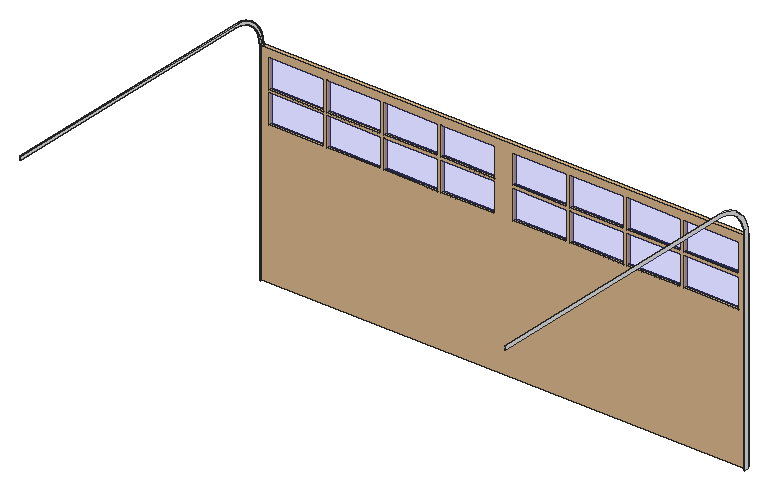
Revit family
Parameters (values of type "7Ft H x 16Ft W")
  Track Width = Width + 0' 2"  # 16' - 2"
  Track Height = Height + 1' 0"  # 8' - 0"
  Track Depth = 10' - 0"
  Track = Metal
  SmartBIM Object Version = 1  # constant formula
  SmartBIM Object Created By = "Reed Construction Data"  # constant formula
  Rough Width = 0' - 0"
  Rough Height = 0' - 0"
  Panel Thickness = 0' - 1 1/2"
  Manufacturer = ""
  Height = 7' - 0"
  Wall Closure = (empty or 0)
  Width = 16' - 0"
  Door Glass = Glass
  Door = Wood
  95 CSI = "08360"  # constant formula
  04 CSI = "08 36 13"  # constant formula
Types (3): name | Track Width | Width
  (no name) | 16' - 2" | 16' - 0"
  7Ft H x 8Ft W | 8' - 2" | 8' - 0"
  7Ft H x 16Ft W | 16' - 2" | 16' - 0"
Reference planes (in)
  plane 1 "Center (Front/Back)": y = 0
  plane 2 "Center (Left/Right)": x = 0
  plane 3 "Left": x = -96
  plane 4 "Right": x = 96
  plane 5 "Top": z = 84
  plane 6: x = -97
  plane 7: x = 97
  plane 8: y = -3.25
  plane 9: z = 29
  plane 10: z = 81
  plane 11: y = -2.5
  plane 12: y = -2.5
  plane 13 "Interior Edge": y = -3.25
  plane 14: y = -2.5
  plane 15 "Exterior Edge": y = -1.75
  plane 16: z = 3
  plane 17: z = 55
  plane 18: z = 56.5
  plane 19: y = -2.5
  plane 20: z = 53
  plane 21: z = 30
  plane 22: z = 28
  plane 23: z = 4
  plane 24: x = 3
  plane 25: x = -3
  plane 26: x = -94.5
  plane 27: x = 94.5
  plane 28: x = 71.625
  plane 29: x = 48.75
  plane 30: x = 25.875
  plane 31: z = 68.75
  plane 32: z = 68.25
  plane 33: z = 69.25
  plane 34: x = 72.125
  plane 35: x = 71.125
  plane 36: x = 49.25
  plane 37: x = 48.25
  plane 38: x = 26.375
  plane 39: x = 25.375
  plane 40: x = -94
  plane 41: x = -3.5
  plane 42: x = 3.5
  plane 43: x = -71.625
  plane 44: x = -48.75
  plane 45: x = -25.875
  plane 46: x = -72.125
  plane 47: x = -71.125
  plane 48: x = -49.25
  plane 49: x = -48.25
  plane 50: x = -26.375
  plane 51: x = -25.375
  plane 52: y = -2.5
Forms (in)
  Extrusion 1, solid, material "Wood" <- "Door"
    sketch origin (0, 0, 0) x (1, 0, 0) y (0, 0, 1)
      loop
        line (-97, 84) -> (-97, 0) -> (97, 0) -> (97, 84) -> (-97, 84)
      loop
        line (94.5, 81) -> (72.125, 81) -> (72.125, 69.25) -> (94.5, 69.25) -> (94.5, 81)
      loop
        line (94.5, 68.25) -> (72.125, 68.25) -> (72.125, 56.5) -> (94.5, 56.5) -> (94.5, 68.25)
      loop
        line (49.25, 56.5) -> (71.125, 56.5) -> (71.125, 68.25) -> (49.25, 68.25) -> (49.25, 56.5)
      loop
        line (49.25, 69.25) -> (71.125, 69.25) -> (71.125, 81) -> (49.25, 81) -> (49.25, 69.25)
      loop
        line (26.375, 69.25) -> (48.25, 69.25) -> (48.25, 81) -> (26.375, 81) -> (26.375, 69.25)
      loop
        line (3.5, 56.5) -> (25.375, 56.5) -> (25.375, 68.25) -> (3.5, 68.25) -> (3.5, 56.5)
      loop
        line (26.375, 56.5) -> (48.25, 56.5) -> (48.25, 68.25) -> (26.375, 68.25) -> (26.375, 56.5)
      loop
        line (3.5, 81) -> (3.5, 69.25) -> (25.375, 69.25) -> (25.375, 81) -> (3.5, 81)
      loop
        line (-3.5, 81) -> (-25.375, 81) -> (-25.375, 69.25) -> (-3.5, 69.25) -> (-3.5, 81)
      loop
        line (-3.5, 68.25) -> (-25.375, 68.25) -> (-25.375, 56.5) -> (-3.5, 56.5) -> (-3.5, 68.25)
      loop
        line (-26.375, 68.25) -> (-48.25, 68.25) -> (-48.25, 56.5) -> (-26.375, 56.5) -> (-26.375, 68.25)
      loop
        line (-48.25, 69.25) -> (-26.375, 69.25) -> (-26.375, 81) -> (-48.25, 81) -> (-48.25, 69.25)
      loop
        line (-71.125, 56.5) -> (-49.25, 56.5) -> (-49.25, 68.25) -> (-71.125, 68.25) -> (-71.125, 56.5)
      loop
        line (-71.125, 69.25) -> (-49.25, 69.25) -> (-49.25, 81) -> (-71.125, 81) -> (-71.125, 69.25)
      loop
        line (-94.5, 81) -> (-94.5, 69.25) -> (-72.125, 69.25) -> (-72.125, 81) -> (-94.5, 81)
      loop
        line (-94.5, 68.25) -> (-94.5, 56.5) -> (-72.125, 56.5) -> (-72.125, 68.25) -> (-94.5, 68.25)
    from 1.75 to 3.25
  Extrusion 2, solid, material "Glass" <- "Door Glass"
    sketch origin (0, -1.75, 0) x (1, 0, 0) y (0, 0, 1)
      loop
        line (94.5, 81) -> (72.125, 81) -> (72.125, 69.25) -> (94.5, 69.25) -> (94.5, 81)
      loop
        line (94.5, 68.25) -> (72.125, 68.25) -> (72.125, 56.5) -> (94.5, 56.5) -> (94.5, 68.25)
      loop
        line (71.125, 81) -> (49.25, 81) -> (49.25, 69.25) -> (71.125, 69.25) -> (71.125, 81)
      loop
        line (71.125, 68.25) -> (49.25, 68.25) -> (49.25, 56.5) -> (71.125, 56.5) -> (71.125, 68.25)
      loop
        line (48.25, 81) -> (26.375, 81) -> (26.375, 69.25) -> (48.25, 69.25) -> (48.25, 81)
      loop
        line (48.25, 68.25) -> (26.375, 68.25) -> (26.375, 56.5) -> (48.25, 56.5) -> (48.25, 68.25)
      loop
        line (25.375, 68.25) -> (3.5, 68.25) -> (3.5, 56.5) -> (25.375, 56.5) -> (25.375, 68.25)
      loop
        line (25.375, 81) -> (3.5, 81) -> (3.5, 69.25) -> (25.375, 69.25) -> (25.375, 81)
      loop
        line (-3.5, 81) -> (-25.375, 81) -> (-25.375, 69.25) -> (-3.5, 69.25) -> (-3.5, 81)
      loop
        line (-3.5, 68.25) -> (-25.375, 68.25) -> (-25.375, 56.5) -> (-3.5, 56.5) -> (-3.5, 68.25)
      loop
        line (-26.375, 68.25) -> (-48.25, 68.25) -> (-48.25, 56.5) -> (-26.375, 56.5) -> (-26.375, 68.25)
      loop
        line (-26.375, 81) -> (-48.25, 81) -> (-48.25, 69.25) -> (-26.375, 69.25) -> (-26.375, 81)
      loop
        line (-49.25, 81) -> (-71.125, 81) -> (-71.125, 69.25) -> (-49.25, 69.25) -> (-49.25, 81)
      loop
        line (-72.125, 81) -> (-94.5, 81) -> (-94.5, 69.25) -> (-72.125, 69.25) -> (-72.125, 81)
      loop
        line (-72.125, 68.25) -> (-94.5, 68.25) -> (-94.5, 56.5) -> (-72.125, 56.5) -> (-72.125, 68.25)
      loop
        line (-49.25, 68.25) -> (-71.125, 68.25) -> (-71.125, 56.5) -> (-49.25, 56.5) -> (-49.25, 68.25)
    from 0.625 to 0.875
Lines and regions (in)
  Opening 1
    outline origin (-90, -1.75, 0) x (1, 0, 0) y (0, 0, 1)
      loop
        line (-6, 0) -> (186, 0) -> (186, 84) -> (-6, 84) -> (-6, 0)
  model lines
    curve 1: line (96, -1.75, 53) -> (96, -1.75, 30)
    curve 2: line (-3, -1.75, 50.86589) -> (-3, -1.75, 30)
    curve 3: line (-94.5, -1.75, 6.43579) -> (-94.5, -1.75, 53)
    curve 4: line (90.51488, -1.75, 4) -> (3, -1.75, 4)
    curve 5: line (94.5, -1.75, 53) -> (94.5, -1.75, 6.13411)
    curve 6: line (3, -1.75, 4) -> (3, -1.75, 50.86589)
    curve 7: line (94.5, -1.75, 53) -> (6.98512, -1.75, 53)
    curve 9: line (6.98512, -1.75, 53) -> (94.5, -1.75, 6.13411)
    curve 10: line (3, -1.75, 50.86589) -> (90.51488, -1.75, 4)
    curve 11: line (-90.51488, -1.75, 4) -> (-3, -1.75, 4)
    curve 12: line (-94.5, -1.75, 53) -> (-6.98512, -1.75, 53)
    curve 13: line (-3, -1.75, 50.86589) -> (-3, -1.75, 4)
    curve 14: line (-3, -1.75, 50.86589) -> (-90.51488, -1.75, 4)
    curve 15: line (-94.5, -3.25, 6.95681) -> (-5.71544, -3.25, 53)
    curve 16: line (-94.5, -3.25, 6.95681) -> (-94.5, -3.25, 53)
    curve 17: line (-3, -3.25, 50.86589) -> (-90.51488, -3.25, 4)
    curve 18: line (-3, -3.25, 50.86589) -> (-3, -3.25, 4)
    curve 19: line (3, -3.25, 50.86589) -> (3, -3.25, 4)
    curve 20: line (3, -3.25, 4) -> (90.51488, -3.25, 4)
    curve 21: line (6.98512, -3.25, 53) -> (94.5, -3.25, 6.13411)
    curve 22: line (3, -3.25, 50.86589) -> (90.51488, -3.25, 4)
    curve 23: line (6.98512, -3.25, 53) -> (94.5, -3.25, 53)
    curve 24: line (94.5, -3.25, 53) -> (94.5, -3.25, 6.13411)
    curve 25: line (-94.5, -3.25, 53) -> (-5.71544, -3.25, 53)
    curve 26: line (-90.51488, -3.25, 4) -> (-3, -3.25, 4)
    curve 28: line (-6.79032, -1.75, 53.10432) -> (-94.39143, -1.75, 6.19225)
  reference lines
    curve 8: line (3, -1.75, 53) -> (94.5, -1.75, 4)
    curve 27: line (-3, -1.75, 53) -> (-94.5, -1.75, 4)
Text (in)
  text "Exterior" at (-74.96733, 27.31104, 0), in view "Ref. Level"
  text "Interior" at (-76.69036, -30.31274, 0), in view "Ref. Level"
  text "Exterior" at (0, 40.15149, 123.01588), in view "Right"
  text "Interior" at (0, -64.39139, 123.01588), in view "Right"
  text "Interior" at (0, -31.01599, 123.00693), in view "Left"
  text "Exterior" at (0, 54.57065, 123.00693), in view "Left"
Dimensions and locks (in)
  equal spacing: plane 3 "Left", plane 2 "Center (Left/Right)", plane 4 "Right"
  "Width": plane 3 "Left" to plane 4 "Right"
  locked: plane 6 to plane 3 "Left" at 1
  locked: plane 4 "Right" to plane 7 at 1
  locked: plane 10 to plane 5 "Top" at 3
  host wall to plane 11 to plane 8 = 0' - 0 3/4", 0' - 0 3/4"
  equal spacing: plane 13 "Interior Edge", plane 14, plane 15 "Exterior Edge"
  "Panel Thickness": plane 15 "Exterior Edge" to plane 13 "Interior Edge"
  plane 5 "Top" to plane 10 = 0' - 3"
  plane 4 "Right" to plane 2 "Center (Left/Right)" = 8' - 0"
  equal spacing: plane 7, plane 2 "Center (Left/Right)", plane 6
  locked: plane 16 to level at 3
  plane 3 "Left" to plane 2 "Center (Left/Right)" = 8' - 0"
  "Height": plane 5 "Top" to level
  locked: plane 18 to plane 17 at 1.5
  locked: plane 18 to plane 20 at 3.5
  locked: plane 21 to plane 22 at 2
  equal spacing: plane 21, plane 9, plane 22
  locked: plane 23 to plane 16 at 1
  locked: plane 5 "Top" to plane 18 at 27.5
  equal spacing: plane 17, plane 9, plane 16
  locked: plane 3 "Left" to plane 26 at 1.5
  locked: plane 27 to plane 4 "Right" at 1.5
  equal spacing: curve 9, curve 8, curve 10
  equal spacing: plane 27, plane 28, plane 29, plane 30, plane 24
  locked: curve 9 to curve 8 at 1.88133
  locked: curve 8 to curve 10 at 1.88133
  equal spacing: curve 14, curve 27, curve 28
  locked: curve 14 to curve 27 at 1.88133
  locked: curve 27 to curve 28 at 1.88133
  locked: plane 24 to plane 25 at 6
  equal spacing: plane 18, plane 31, plane 10
  equal spacing: plane 32, plane 31, plane 33
  locked: plane 32 to plane 33 at 1
  equal spacing: plane 34, plane 28, plane 35
  locked: plane 34 to plane 35 at 1
  equal spacing: plane 37, plane 29, plane 36
  locked: plane 37 to plane 36 at 1
  equal spacing: plane 38, plane 30, plane 39
  locked: plane 38 to plane 39 at 1
  locked: plane 25 to plane 41 at 0.5
  locked: plane 42 to plane 24 at 0.5
  equal spacing: plane 26, plane 43, plane 44, plane 45, plane 25
  equal spacing: plane 46, plane 43, plane 47
  locked: plane 46 to plane 47 at 1
  equal spacing: plane 49, plane 44, plane 48
  locked: plane 49 to plane 48 at 1
  equal spacing: plane 50, plane 45, plane 51
  locked: plane 50 to plane 51 at 1
  locked: Extrusion 2 to Extrusion 2 at 0.25
  equal spacing: Extrusion 2, plane 52, Extrusion 2
  aligned and locked: plane 3 "Left" to Opening 1 sketch curve
  aligned and locked: plane 5 "Top" to Opening 1 sketch curve
  aligned and locked: Opening 1 sketch curve to plane 5 "Top"
  aligned and locked: Opening 1 sketch curve to plane 4 "Right"
  aligned and locked: Opening 1 sketch curve to level
  aligned and locked: Extrusion 1 sketch curve to plane 6
  aligned and locked: Extrusion 1 sketch curve to plane 7
  aligned and locked: Extrusion 1 sketch curve to level
  aligned and locked: Extrusion 1 sketch curve to host wall
  aligned and locked: plane 11 to plane 12
  aligned and locked: host wall to plane 15 "Exterior Edge"
  aligned and locked: plane 12 to plane 14
  aligned and locked: plane 13 "Interior Edge" to Extrusion 1
  aligned and locked: Extrusion 1 to host wall
  aligned and locked: plane 19 to plane 14
  aligned and locked: curve 3 to plane 26
  aligned and locked: curve 6 to plane 24
  aligned and locked: plane 25 to curve 13
  aligned and locked: curve 12 to plane 20
  aligned and locked: curve 3 to curve 16
  aligned and locked: curve 17 to curve 14
  aligned and locked: curve 19 to curve 6
  aligned and locked: curve 20 to curve 4
  aligned and locked: curve 21 to curve 9
  aligned and locked: curve 22 to curve 10
  aligned and locked: curve 23 to curve 7
  aligned and locked: curve 12 to curve 25
  aligned and locked: curve 26 to plane 23
  aligned and locked: curve 11 to plane 23
  aligned and locked: plane 27 to curve 5
  aligned and locked: plane 20 to curve 27
  aligned and locked: plane 26 to curve 27
  aligned and locked: plane 10 to Extrusion 1 sketch curve  (x7)
  aligned and locked: plane 33 to Extrusion 1 sketch curve  (x8)
  aligned and locked: Extrusion 1 sketch curve to plane 34
  aligned and locked: plane 27 to Extrusion 1 sketch curve
  aligned and locked: plane 32 to Extrusion 1 sketch curve  (x8)
  aligned and locked: plane 18 to Extrusion 1 sketch curve  (x4)
  aligned and locked: plane 36 to Extrusion 1 sketch curve
  aligned and locked: Extrusion 1 sketch curve to plane 35  (x2)
  aligned and locked: plane 38 to Extrusion 1 sketch curve  (x2)
  aligned and locked: plane 37 to Extrusion 1 sketch curve  (x2)
  aligned and locked: plane 42 to Extrusion 1 sketch curve  (x2)
  aligned and locked: Extrusion 1 sketch curve to plane 39
  aligned and locked: Extrusion 1 sketch curve to plane 10
  aligned and locked: plane 39 to Extrusion 1 sketch curve
  aligned and locked: plane 41 to Extrusion 1 sketch curve  (x2)
  aligned and locked: Extrusion 1 sketch curve to plane 51  (x2)
  aligned and locked: plane 50 to Extrusion 1 sketch curve
  aligned and locked: plane 49 to Extrusion 1 sketch curve  (x2)
  aligned and locked: Extrusion 1 sketch curve to plane 50
  aligned and locked: plane 47 to Extrusion 1 sketch curve
  aligned and locked: plane 48 to Extrusion 1 sketch curve
  aligned and locked: Extrusion 1 sketch curve to plane 46  (x2)
  aligned and locked: plane 26 to Extrusion 1 sketch curve  (x2)
  aligned and locked: Extrusion 2 sketch curve to Extrusion 1  (x64)
  aligned and locked: plane 52 to plane 14
  aligned and locked: nested 1 to plane 2 "Center (Left/Right)"
  aligned and locked: nested 1 to plane 13 "Interior Edge"
Automatic sketch dimensions
  curve 27 to plane 23 = 0' - 0"
  curve 27 to plane 25 = 0' - 0"
  curve 8 to plane 20 = 0' - 0"
  curve 8 to plane 24 = 0' - 0"
  curve 8 to plane 23 = 0' - 0"
  curve 8 to plane 27 = 0' - 0"
  curve 18 to plane 25 = 0' - 0"
  curve 23 to plane 27 = 0' - 0"
  curve 25 to plane 25 = 0' - 2.71544"
  curve 16 to plane 23 = 0' - 2.95681"
  curve 7 to plane 20 = 0' - 0"
  curve 4 to plane 23 = 0' - 0"
  curve 1 to plane 4 "Right" = 0' - 0"
  curve 1 to plane 21 = 0' - 0"
  curve 2 to plane 21 = 0' - 0"
  curve 1 to plane 20 = 0' - 0"
  curve 28 to plane 26 = 0' - 0.10857"
  plane 20 to curve 28 = 0' - 0.10432"
  curve 28 to curve 3 = 0' - 0.24354"
  Extrusion 1 sketch curve to plane 47 = 0' - 0"
  Extrusion 1 sketch curve to plane 48 = 0' - 0"
  Extrusion 1 sketch curve to plane 36 = 0' - 0"
  Extrusion 1 sketch curve to plane 34 = 0' - 0"
  Extrusion 1 sketch curve to plane 27 = 0' - 0"
  Extrusion 1 sketch curve to plane 18 = 0' - 0"  (x4)
  Extrusion 2 sketch curve to plane 49 = 0' - 0"
Nested families (in)
  nested 1: "Door Track" at (-0.5, -64, 0), Width <- "Track Width", Height <- "Track Height", Depth <- "Track Depth", type "Door Track"
    with Width 16' - 2", Height 8' - 0", Depth 10' - 0"
Definition of nested family "Door Track"
  Parameters
    Width [instance] = 10' - 0"
    Track = Metal
    Height [instance] = 11' - 0"
    Depth [instance] = 10' - 0"
  Reference planes (in)
    plane 1 "Center (Front/Back)": y = 0
    plane 2: z = 0
    plane 3 "Center (Left/Right)": x = 0.5
    plane 4 "Back": y = 60
    plane 5 "Front": y = -60
    plane 6 "Left": x = -59.5
    plane 7 "Right": x = 60.5
    plane 8 "Top": z = 132
    plane 9 "Center (Up/Down)": z = 66
    plane 10: y = 60.75
    plane 11: y = 61.5
  Forms (in)
    Sweep 1, solid, material "Metal" <- "Track"
      path origin (60.5, 60, 48) x (0, 1, 0) y (0, 0, 1)
        loop
          line (0, -48) -> (0, 72)
          arc (0, 72) -> (-3.51472, 80.48528) -> (-12, 84) r 12
          line (-12, 84) -> (-120, 84)
      profile origin (60.5, -6, 132) x (0, 0, -1) y (1, 0, 0)
        loop
          line (-1.5, 0) -> (-1.375, 0) -> (-1.375, 0.375) -> (-0.125, 0.375) -> (-0.125, 0) -> (0, 0) -> (0, 0.5) -> (-1.5, 0.5) -> (-1.5, 0)
    Sweep 2, solid, material "Metal" <- "Track"
      path origin (-59.5, 60, 48) x (0, 1, 0) y (0, 0, 1)
        loop
          line (0, -48) -> (0, 72)
          arc (0, 72) -> (-3.51472, 80.48528) -> (-12, 84) r 12
          line (-12, 84) -> (-120, 84)
      profile origin (-59.5, -6, 132) x (0, 0, -1) y (1, 0, 0)
        loop
          line (-1.5, 0) -> (-1.5, -0.5) -> (0, -0.5) -> (0, 0) -> (-0.125, 0) -> (-0.125, -0.375) -> (-1.375, -0.375) -> (-1.375, 0) -> (-1.5, 0)
  Dimensions and locks (in)
    equal spacing: plane 6 "Left", plane 3 "Center (Left/Right)", plane 7 "Right"
    "Width": plane 6 "Left" to plane 7 "Right"
    equal spacing: plane 4 "Back", plane 1 "Center (Front/Back)", plane 5 "Front"
    "Depth": plane 4 "Back" to plane 5 "Front"
    "Height": plane 8 "Top" to plane 2
    equal spacing: plane 8 "Top", plane 9 "Center (Up/Down)", level
    locked: Sweep 2 sketch curve to Sweep 2 sketch curve at 0.125  (x3)
    locked: Sweep 2 sketch curve to Sweep 2 sketch curve at 0.5  (x2)
    locked: Sweep 2 sketch curve to Sweep 2 sketch curve at 1.5
    locked: Sweep 1 sketch curve to Sweep 1 sketch curve at 0.5  (x2)
    locked: Sweep 1 sketch curve to Sweep 1 sketch curve at 0.125  (x3)
    locked: Sweep 1 sketch curve to Sweep 1 sketch curve at 1.5
    equal spacing: plane 4 "Back", plane 10, plane 11
    locked: plane 10 to plane 11 at 0.75
    radius of Sweep 1 sketch curve = 1' - 0"
    radius of Sweep 2 sketch curve = 1' - 0"
    aligned and locked: plane 8 "Top" to Sweep 1 sketch curve  (x2)
    aligned and locked: plane 5 "Front" to Sweep 1 sketch curve
    aligned and locked: plane 4 "Back" to Sweep 1 sketch curve
    aligned and locked: plane 4 "Back" to Sweep 2 sketch curve
    aligned and locked: plane 5 "Front" to Sweep 2 sketch curve
    aligned and locked: level to Sweep 2 sketch curve
    aligned and locked: Sweep 2 sketch curve to profile plane  (x2)
    aligned and locked: Sweep 1 sketch curve to profile plane
    aligned and locked: plane 11 to Sweep 1
  Automatic sketch dimensions
    Sweep 1 sketch curve to level = 0' - 0"
    Sweep 2 sketch curve to plane 8 "Top" = 0' - 0"
